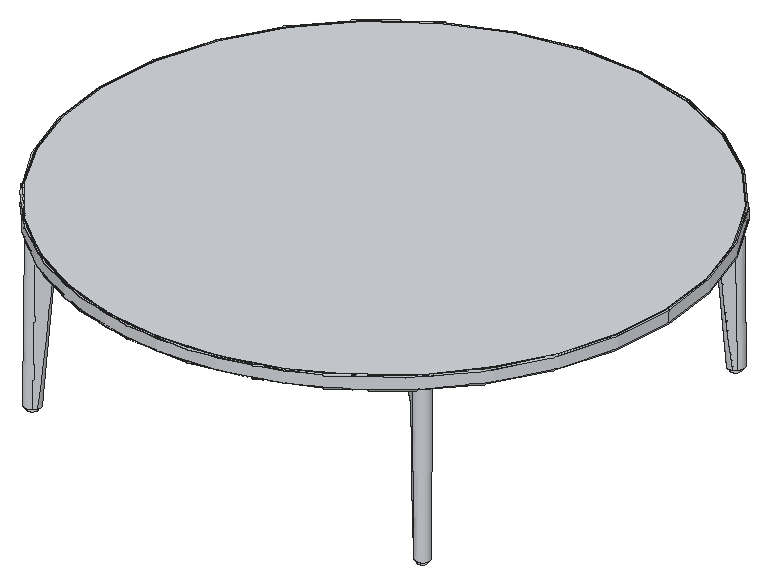
Revit family "Keilhauer-Symm-Round_Occasional_Table", category Furniture, Revit 2020
Family settings
  OmniClass Number = 23.40.20.00
  OmniClass Title = General Furniture and Specialties
  Work Plane-Based = No
  Always vertical = Yes
  Cut with Voids When Loaded = No
  Shared = No
  Room Calculation Point = No
Parameters (values of type "94661")
  URL = "https://keilhauer.com/"
  Type Comments = "Symm"  # constant formula
  Top Finish [instance] = none
  Salvage or Reuse = yes
  Revit Model Built By = "https://servex-us.com/servex-revit/"
  Product Documentation Link = "https://keilhauer.com/product-family/symm/"
  Percentage of Recycled Content = 0
  Model = "94661"
  Manufacturer = "Keilhauer"  # constant formula
  Low Emitting Material = yes
  Low Emitting Finish = yes
  Leg Finish [instance] = none
  Keynote = "12500"
  Height = 13"
  Glide Finish [instance] = none
  Edge Finish [instance] = none
  Diameter = 43 1/4"
  Description = "Round 43.25\" Occasional Height Table with Ash Legs"
  Default Elevation = 0"
  Copyright = "© 2023 Keilhauer"  # constant formula
  Frame Finish [instance] = none
  Authoring Version = "Autodesk Revit 2020"  # constant formula
  Assembly Code = "E2020200"
Types (4): name | Model | Description
  (no name) | "94661" | "Round 43.25\" Occasional Height Table with Ash Legs"
  94661 | "94661" | "Round 43.25\" Occasional Height Table with Ash Legs"
  94662 | "94662" | "Round 43.25\" Occasional Height Table with Walnut Legs"
  94663 | "94663" | "Round 43.25\" Occasional Height Table with Aluminum Legs"
Reference planes (in)
  plane 1 "Center (Front/Back)": y = 0
  plane 2: z = 0
  plane 3 "Center (Left/Right)": x = 0
  plane 4: x = 31.5
  plane 5: y = -31.5
  plane 6: y = -15.75
  plane 7: x = 15.75
  plane 8: z = 12
  plane 9: z = 13
  plane 10: z = 10.228
  plane 11: x = -5.875
  plane 12: x = 37.375
  plane 13: y = -37.375
  plane 14: y = 5.875
Forms (in)
  Sweep 1, solid, material <- "Edge Finish"
    path origin (-13.1770083, -60, 2.6977558) x (-1, 0, 0) y (0, -1, 0)
      loop
        circle (-28.9270083, -44.25) r 21.625
    profile origin (15.75, -37.375, 2.6977558) x (0, 1, 0) y (0, 0, 1)
      loop
        arc (0.0765569, 10.3022442) -> (0.022423, 10.2798212) -> (0, 10.2256873) r 0.0765569
        line (0, 10.2256873) -> (0, 9.3803692)
        arc (0, 9.3803692) -> (0.0228823, 9.3251264) -> (0.078125, 9.3022442) r 0.078125
        line (0.078125, 9.3022442) -> (0.125, 9.3022442) -> (0.125, 10.3022442) -> (0.0765569, 10.3022442)
  Extrusion 2, solid, material <- "Top Finish"
    sketch origin (-13.1770083, -60, 2.6977558) x (-1, 0, 0) y (0, -1, 0)
      loop
        circle (-28.9270083, -44.25) r 21.5
    from 9.3022442 to 10.3022442
  Sweep 3, solid, material <- "Frame Finish"
    path origin (-13.1770083, -60, 2.6977558) x (-1, 0, 0) y (0, -1, 0)
      loop
        line (-16.6304507, -56.6130576) -> (-16.6304507, -31.8869424) -> (-41.2235658, -31.8869424) -> (-41.2235658, -56.6130576) -> (-16.6304507, -56.6130576)
    profile origin (15.75, -3.3869424, 2.6977558) x (0, 1, 0) y (0, 0, 1)
      loop
        line (0, 7.6552442) -> (0, 9.1772442)
        arc (0, 9.1772442) -> (-0.0366117, 9.2656325) -> (-0.125, 9.3022442) r 0.125
        line (-0.125, 9.3022442) -> (-1.647, 9.3022442)
        arc (-1.647, 9.3022442) -> (-1.7353883, 9.2656325) -> (-1.772, 9.1772442) r 0.125
        line (-1.772, 9.1772442) -> (-1.772, 7.6552442)
        arc (-1.772, 7.6552442) -> (-1.7353883, 7.5668558) -> (-1.647, 7.5302442) r 0.125
        line (-1.647, 7.5302442) -> (-0.125, 7.5302442)
        arc (-0.125, 7.5302442) -> (-0.0366117, 7.5668558) -> (0, 7.6552442) r 0.125
  Extrusion 4, void
    sketch origin (-13.1770083, -60, 2.6977558) x (-1, 0, 0) y (0, -1, 0)
      loop
        line (-18.5994048, -53.8125458) -> (-19.4309624, -54.6441034) -> (-16.7400931, -57.3349727) -> (-15.9085355, -56.5034152) -> (-18.5994048, -53.8125458)
      loop
        line (-39.2546117, -53.8125458) -> (-41.945481, -56.5034152) -> (-41.1139234, -57.3349727) -> (-38.4230541, -54.6441034) -> (-39.2546117, -53.8125458)
      loop
        line (-18.5994048, -34.6874542) -> (-15.9085355, -31.9965848) -> (-16.7400931, -31.1650273) -> (-19.4309624, -33.8558966) -> (-18.5994048, -34.6874542)
      loop
        line (-39.2546117, -34.6874542) -> (-38.4230541, -33.8558966) -> (-41.1139234, -31.1650273) -> (-41.945481, -31.9965848) -> (-39.2546117, -34.6874542)
    from 7.5302442 to 9.3022442
Cuts and joins
  Extrusion 4 cuts Sweep 3
Lines and regions (in)
  symbolic lines, style "FurnitureHiddenLines", detail levels medium+fine
    curve 1: line (4.2831572, -3.3850996, 2.6977558) -> (27.2168428, -3.3850996, 2.6977558)
    curve 2: line (6.0588428, -5.1607852, 2.6977558) -> (25.4411572, -5.1607852, 2.6977558)
    curve 3: line (26.2745576, -5.9905, 2.6977558) -> (26.2745576, -25.5095, 2.6977558)
    curve 4: line (28.0484004, -4.2166572, 2.6977558) -> (28.0484004, -27.2833428, 2.6977558)
    curve 5: line (27.2168428, -28.1149004, 2.6977558) -> (4.2831572, -28.1149004, 2.6977558)
    curve 6: line (25.443, -26.3410576, 2.6977558) -> (6.057, -26.3410576, 2.6977558)
    curve 7: line (3.4515996, -27.2833428, 2.6977558) -> (3.4515996, -4.2166572, 2.6977558)
    curve 8: line (5.2272852, -25.5076572, 2.6977558) -> (5.2272852, -5.9923428, 2.6977558)
  symbolic lines
    curve 9: circle (15.75, -15.75, 2.6977558) r 21.625 normal (0, 0, 1)
Dimensions and locks (in)
  equal spacing: plane 1 "Center (Front/Back)", plane 6, plane 5, locked at 15.75 each
  equal spacing: plane 3 "Center (Left/Right)", plane 7, plane 4, locked at 15.75 each
  plane 9 to plane 8 to plane 10 = 1" locked, 1.772" locked
  "Height": plane 9 to plane 2
  locked: plane 3 "Center (Left/Right)" to Sweep 3 sketch curve at 3.4534424
  locked: Sweep 3 sketch curve to plane 4 at 3.4534424
  locked: Sweep 3 sketch curve to plane 1 "Center (Front/Back)" at 3.3869424
  locked: Sweep 3 sketch curve to plane 5 at 3.3869424
  Extrusion 4 sketch curve to Extrusion 4 sketch curve to Extrusion 4 sketch curve to Extrusion 4 sketch curve to plane 3 "Center (Left/Right)" = 0.83156" locked, 1.85931" locked, 0.83156" locked, 2.73153" locked  (x2)
  Extrusion 4 sketch curve to Extrusion 4 sketch curve to Extrusion 4 sketch curve to Extrusion 4 sketch curve to plane 1 "Center (Front/Back)" = 0.83156" locked, 1.85931" locked, 0.83156" locked, 2.66503" locked  (x2)
  plane 4 to Extrusion 4 sketch curve to Extrusion 4 sketch curve to Extrusion 4 sketch curve to Extrusion 4 sketch curve = 2.73153" locked, 0.83156" locked, 1.85931" locked, 0.83156" locked  (x2)
  Extrusion 4 sketch curve to Extrusion 4 sketch curve to Extrusion 4 sketch curve to Extrusion 4 sketch curve to plane 5 = 0.83156" locked, 1.85931" locked, 0.83156" locked, 2.66503" locked  (x2)
  equal spacing: plane 11, plane 7, plane 12
  "Diameter": plane 11 to plane 12
  equal spacing: plane 14, plane 6, plane 13
  "Diameter": plane 13 to plane 14
  aligned and locked: level to plane 2
  aligned and locked: plane 3 "Center (Left/Right)" to nested 1
  aligned and locked: plane 1 "Center (Front/Back)" to nested 1
  aligned and locked: plane 4 to nested 2
  aligned and locked: nested 2 to plane 1 "Center (Front/Back)"
  aligned and locked: nested 4 to plane 4
  aligned and locked: plane 5 to nested 4
  aligned and locked: nested 3 to plane 5
  aligned and locked: nested 3 to plane 3 "Center (Left/Right)"
  aligned and locked: Extrusion 2 to plane 8
  aligned and locked: Extrusion 2 to plane 9
  aligned and locked: plane 8 to Extrusion 4
  aligned and locked: Extrusion 4 to plane 10
Automatic sketch dimensions
  Sweep 3 sketch curve to profile plane = 0"
  Sweep 3 sketch curve to Sweep 3 sketch curve = 1/8"  (x2)
  profile plane to Sweep 3 sketch curve = 1/8"
  Sweep 3 sketch curve to Sweep 3 sketch curve = 1.522"  (x2)
  Sweep 3 sketch curve to Sweep 3 sketch curve = 0"
  profile plane to Sweep 3 sketch curve = 7.53024"
  Sweep 1 sketch curve to plane 6 = 0"
  Sweep 1 sketch curve to plane 7 = 0"
  Sweep 1 sketch curve to Sweep 1 sketch curve = 0.07656"
  Sweep 1 sketch curve to Sweep 1 sketch curve = 5/64"
  Sweep 1 sketch curve to Sweep 1 sketch curve = 0.04844"
  profile plane to Sweep 1 sketch curve = 9.30224"
  Sweep 1 sketch curve to Sweep 1 sketch curve = 0.84532"
  Sweep 1 sketch curve to profile plane = 0"
  Extrusion 2 sketch curve to plane 6 = 0"
  Extrusion 2 sketch curve to plane 7 = 0"
  curve 9 to plane 6 = 0"
  curve 9 to plane 7 = 0"
  curve 2 to plane 4 = 6.05884"
  curve 6 to plane 4 = 6.057"
  curve 3 to curve 2 = 0.8334"
  curve 5 to curve 6 = 1.77384"
  curve 1 to curve 2 = 1.77569"
  curve 4 to curve 5 = 0.83156"  (x2)
  plane 3 "Center (Left/Right)" to curve 2 = 6.05884"
  plane 3 "Center (Left/Right)" to curve 6 = 6.057"
  curve 2 to curve 8 = 0.83156"  (x2)
  curve 2 to curve 1 = 1.77569"
  curve 6 to curve 5 = 1.77384"
  curve 1 to curve 7 = 0.83156"  (x2)
  plane 1 "Center (Front/Back)" to curve 8 = 5.99234"
  plane 1 "Center (Front/Back)" to curve 3 = 5.9905"
  curve 7 to curve 8 = 1.77569"
  curve 4 to curve 3 = 1.77384"
  plane 5 to curve 8 = 5.99234"
  plane 5 to curve 3 = 5.9905"
  curve 8 to curve 6 = 0.8334"
  curve 3 to curve 4 = 1.77384"
  curve 8 to curve 7 = 1.77569"
  radius of Sweep 1 sketch curve = 21 5/8"
  radius of Extrusion 2 sketch curve = 21 1/2"
  radius of curve 9 = 21 5/8"
Nested families (in)
  nested 1: "Leg" at (0, 0, 0), Glide Finish <- "Glide Finish", Leg Finish <- "Leg Finish", Support Finish <- "Frame Finish", type "Leg"
    with Support Finish none, Leg Finish none, Glide Finish none
  nested 2: "Leg" at (31.5, 0, 0) x (-1, 0, 0) z (0, 0, 1), Glide Finish <- "Glide Finish", Leg Finish <- "Leg Finish", Support Finish <- "Frame Finish", type "Leg"
    with Support Finish none, Leg Finish none, Glide Finish none
  nested 3: "Leg" at (0, -31.5, 0), Glide Finish <- "Glide Finish", Leg Finish <- "Leg Finish", Support Finish <- "Frame Finish", type "Leg"
    with Support Finish none, Leg Finish none, Glide Finish none
  nested 4: "Leg" at (31.5, -31.5, 0) x (-1, 0, 0) z (0, 0, 1), Glide Finish <- "Glide Finish", Leg Finish <- "Leg Finish", Support Finish <- "Frame Finish", type "Leg"
    with Support Finish none, Leg Finish none, Glide Finish none
Definition of nested family "Leg"
  Parameters (values of type "Leg")
    Support Finish [instance] = none
    Leg Finish [instance] = none
    Glide Finish [instance] = none
    Default Elevation = 0"
  Reference planes (in)
    plane 1 "Center (Front/Back)": y = 0
    plane 2: z = 0
    plane 3 "Center (Left/Right)": x = 0
  Forms (in)
    Blend 1, solid, material <- "Leg Finish"
      base sketch origin (0, 0, 0) x (1, 0, 0) y (0, 1, 0)
        loop
          line (4.2282704, -3.4432461) -> (1.2391645, -0.4541402)
          arc (1.2391645, -0.4541402) -> (0.5206402, -0.4541402) -> (0.5206402, -1.1726645) r 0.5080734
          line (0.5206402, -1.1726645) -> (3.5097461, -4.1617704) -> (4.2282704, -3.4432461)
      top sketch origin (0, 0, 0) x (1, 0, 0) y (0, 1, 0)
        loop
          arc (1.4417645, -0.5437069) -> (0.6102069, -0.5437069) -> (0.6102069, -1.3752645) r 0.588
          line (0.6102069, -1.3752645) -> (3.4532295, -4.2182871) -> (4.2847871, -3.3867295) -> (1.4417645, -0.5437069)
      from 0.25 to 12
    Sweep 2, void
      path origin (-0.0009954, 0.0009954, 0) x (1, 0, 0) y (0, 1, 0)
        loop
          arc (0.1866588, -1.9651663) -> (1.8729923, -1.8064923) -> (2.0316663, -0.1201588) r 1.327925
      profile origin (1.8719969, -1.8054969, 0) x (-0.707107, 0.707107, 0) y (0, 0, 1)
        loop
          arc (0.0013276, 9.7679952) -> (-0.1579519, 10.0954218) -> (-0.4970702, 10.228) r 0.5
          line (-0.4970702, 10.228) -> (-3.5629305, 10.228) -> (-3.5629305, 0.1527226) -> (0.7729291, 0.1527226) -> (0.0013276, 9.7679952)
    Extrusion 3, solid, material <- "Support Finish"
      sketch origin (0, 0, 0) x (1, 0, 0) y (0, 1, 0)
        loop
          line (3.4532295, -4.2182871) -> (5.2254424, -5.9905)
          arc (5.2254424, -5.9905) -> (5.469, -5.4025) -> (6.057, -5.1589424) r 0.8315576
          line (6.057, -5.1589424) -> (4.2847871, -3.3867295) -> (3.4532295, -4.2182871)
      from 10.228 to 12
    Extrusion 4, solid, material <- "Support Finish"
      sketch origin (0, 0, 0) x (1, 0, 0) y (0, 1, 0)
        loop
          line (4.4402485, -5.2053061) -> (5.6904053, -6.4554629)
          arc (5.6904053, -6.4554629) -> (6.5219629, -6.4554629) -> (6.5219629, -5.6239053) r 0.588
          line (6.5219629, -5.6239053) -> (5.2718061, -4.3737485) -> (4.4402485, -5.2053061)
      from 11.875 to 12
    Extrusion 5, solid, material <- "Glide Finish"
      sketch origin (0, 0, 0) x (1, 0, 0) y (0, 1, 0)
        loop
          circle (0.9294348, -0.8629348) r 0.3747255
      from 0 to 0.25
  Cuts and joins
    Sweep 2 cuts Blend 1
    joined: Extrusion 3, Extrusion 4
  Lines and regions (in)
    symbolic lines, detail levels medium+fine
      curve 1: arc (5.6904053, -6.4554629, 0) -> (6.5219629, -6.4554629, 0) -> (6.5219629, -5.6239053, 0) r 0.588
      curve 2: line (6.5219629, -5.6239053, 0) -> (1.4417645, -0.5437069, 0)
      curve 3: arc (1.4417645, -0.5437069, 0) -> (0.6102069, -0.5437069, 0) -> (0.6102069, -1.3752645, 0) r 0.588
      curve 4: line (5.6904053, -6.4554629, 0) -> (0.6102069, -1.3752645, 0)
      curve 5: arc (0.4170797, -1.0230061, 0) -> (0.5206402, -0.4541402, 0) -> (1.0895061, -0.3505797, 0) r 0.5080734
      curve 6: arc (1.0895061, -0.3505797, 0) -> (1.1555481, -0.3791088, 0) -> (1.2225467, -0.4053127, 0) r 2.0583782
      curve 7: arc (0.4772983, -1.1708767, 0) -> (0.448613, -1.0963615, 0) -> (0.4170797, -1.0230061, 0) r 2.0731599
  Dimensions and locks (in)
    aligned and locked: plane 2 to level
